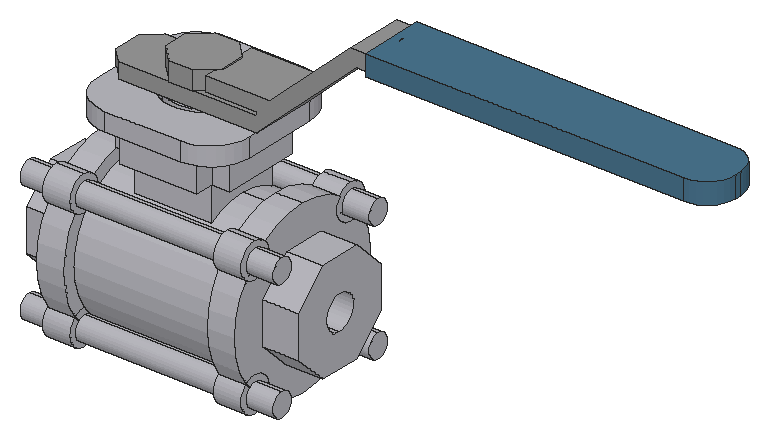
Revit family "310AMSWLHK-Ball-Valve", category Pipe Accessories, Revit 2018
Family settings
  Round Connector Dimension = Use Diameter
  Part Type = Valve - Breaks Into
  OmniClass Number = 23.60.30.11.14
  OmniClass Title = Pipework Fittings
  Work Plane-Based = No
  Always vertical = Yes
  Cut with Voids When Loaded = No
  Shared = No
Parameters
  Z4 [instance] = size_lookup(LookupTable, "Z4", 0.000", Nominal Diameter)  # 0.350"
  Weight [instance] = size_lookup(LookupTable, "Weight", "NA", Nominal Diameter)  # "1.01 lbs."
  URL = "http://www.fnw.com"
  Standards Lookup Table = "Standards"  # constant formula
  R3 [instance] = size_lookup(LookupTable, "R3", 0.000", Nominal Diameter)  # 0.91924"
  Product ID Handle [instance] = size_lookup(LookupTable, "ProductIDHandle", "NA", Nominal Diameter)  # "4448734"
  Product ID [instance] = size_lookup(LookupTable, "ProductID", "NA", Nominal Diameter)  # "4106252"
  Pipe Diameter [instance] = size_lookup(Standards Lookup Table, "copper", 0.000", Nominal Diameter)  # 0.375"
  Pins [instance] = Lm / 2  # 0.650"
  Pin Length [instance] = X2 * 4 + X3  # 2.7364"
  Pin Diameter [instance] = size_lookup(LookupTable, "m", 0.000", Nominal Diameter)  # 0.250"
  Pin Bung [instance] = Pin Diameter * 1.5  # 0.375"
  Part Number Handle [instance] = size_lookup(LookupTable, "PartNumberHandle", "NA", Nominal Diameter)  # "FNW310ALHKBD"
  Part Number [instance] = size_lookup(LookupTable, "PartNumber", "NA", Nominal Diameter)  # "FNW310AMSWB"
  PIpe Radius [instance] = Pipe Diameter / 2  # 0.1875"
  Insert [instance] = size_lookup(LookupTable, "insert_depth", 0.000", Nominal Diameter)  # 0.390"
  Manufacturer = "FNW"  # constant formula
  Lm [instance] = size_lookup(LookupTable, "lm", 0.000", Nominal Diameter)  # 1.300"
  Handle_3_Down [instance] = Nominal Diameter < 3.500"  # yes
  Grip Pin4 [instance] = X3 / 2 + (X2 * 2)  # 1.3682"
  Gear [instance] = D3_Half - 0.063"  # 0.3495"
  Description BOM Handle [instance] = size_lookup(LookupTable, "Description_BOMHandle", "NA", Nominal Diameter)  # "1/4 - 1/2 Locking Handle Kit 200A/310A BV"
  Description BOM [instance] = size_lookup(LookupTable, "Description_BOM", "NA", Nominal Diameter)  # "1/4 Stainless Steel 1000# Socket Weld 3 Piece Full Port Isolation BV"
  Z3 [instance] = size_lookup(LookupTable, "Z3", 0.000", Nominal Diameter)  # 0.200"
  Z2 [instance] = size_lookup(LookupTable, "Z2", 0.000", Nominal Diameter)  # 0.400"
  Z1 [instance] = size_lookup(LookupTable, "Z1", 0.000", Nominal Diameter)  # 1.050"
  X3 [instance] = size_lookup(LookupTable, "X3", 0.000", Nominal Diameter)  # 1.5564"
  X2 [instance] = size_lookup(LookupTable, "X2", 0.000", Nominal Diameter)  # 0.295"
  X1 [instance] = size_lookup(LookupTable, "X1", 0.000", Nominal Diameter)  # 0.4018"
  Show Lever Clearance [instance] = no
  R2 [instance] = size_lookup(LookupTable, "R2", 0.000", Nominal Diameter)  # 0.79424"
  R1_Diam [instance] = R1 * 2  # 1.100"
  R1 [instance] = size_lookup(LookupTable, "R1", 0.000", Nominal Diameter)  # 0.550"
  Nominal Radius [instance] = Nominal Diameter / 2  # 0.125"
  Nominal Diameter [instance] = 0.250"
  LookupTable = "310AMSWLHK-Ball-Valve"  # constant formula
  HexAngle1 [instance] = 135.00°  # constant formula
  D4 [instance] = size_lookup(LookupTable, "D4", 0.000", Nominal Diameter)  # 0.3125"
  D3_Half [instance] = D3 / 2  # 0.4125"
  D3 [instance] = size_lookup(LookupTable, "D3", 0.000", Nominal Diameter)  # 0.825"
  D2_Half [instance] = D2 / 2  # 0.61875"
  D2 [instance] = size_lookup(LookupTable, "D2", 0.000", Nominal Diameter)  # 1.2375"
  D1_Half [instance] = D1 / 2  # 0.825"
  D1 [instance] = size_lookup(LookupTable, "D1", 0.000", Nominal Diameter)  # 1.650"
  Below3in [instance] = Nominal Diameter < 3.000"  # yes
  4 in handle [instance] = Nominal Diameter = 4.000"  # no
  3Up [instance] = Nominal Diameter > 2.500"  # no
  1_Z2 [instance] = size_lookup(LookupTable, "1_Z2", 0.000", Nominal Diameter)  # 0.1644"
  1_Z1 [instance] = size_lookup(LookupTable, "1_Z1", 0.000", Nominal Diameter)  # 1.0156"
  1_Y1 [instance] = size_lookup(LookupTable, "1_Y1", 0.000", Nominal Diameter)  # 0.625"
  1_X6 [instance] = size_lookup(LookupTable, "1_X6", 0.000", Nominal Diameter)  # 0.375"
  1_X5 [instance] = size_lookup(LookupTable, "1_X5", 0.000", Nominal Diameter)  # 0.375"
  1_X4 [instance] = size_lookup(LookupTable, "1_X4", 0.000", Nominal Diameter)  # 0.825"
  1_X3 [instance] = size_lookup(LookupTable, "1_X3", 0.000", Nominal Diameter)  # 5.790"
  1_X2 [instance] = size_lookup(LookupTable, "1_X2", 0.000", Nominal Diameter)  # 1.0156"
  1_X1 [instance] = size_lookup(LookupTable, "1_X1", 0.000", Nominal Diameter)  # 1.650"
Reference planes (in)
  plane 1 "Center (Front/Back)": y = 0
  plane 2: z = 0
  plane 3 "Center (Left/Right)": x = 0
  plane 4: x = -0.7782
  plane 5: x = 0.7782
  plane 6: x = 2.6685
  plane 7 "Pipe radius": z = 0.1875
  plane 8: z = 0.55
  plane 9: z = 2.5
  plane 10: z = 1.05
  plane 11: z = 1.45
  plane 12 "top of pad": z = 1.65
  plane 13: x = 1.0732
  plane 14: x = 2.2785
  plane 15: x = -1.085
  plane 16: y = -0.65
  plane 17: z = -0.65
  plane 18: z = 0.65
  plane 19: y = 0.65
  plane 20: x = 10.098
  plane 21: z = -2.5
  plane 22: y = 2.5
  plane 23: y = -2.5
  plane 24: y = -0.65
  plane 25: z = -0.65
  plane 26: z = 0.65
  plane 27: y = 0.65
  plane 28: through (0, 0, 0) normal (0, 0.7071, -0.7071)
  plane 29: through (0, 0, 0) normal (0, 0.7071, 0.7071)
  plane 30: y = -0.65
  plane 31: y = 0.65
  plane 32: y = -1.465
  plane 33: z = -1.465
  plane 34: z = 1.465
  plane 35: y = 1.465
  plane 36 "Pin Plane": x = -1.3682
  plane 37: x = 2.5735
  plane 38 "NPT 3": x = 1.475
  plane 39: x = -1.0732
  plane 40: x = -1.475
  plane 41: x = 1.085
  plane 42: x = 1.3682
Forms (in)
  Extrusion 1, solid, material "Steel, Stainless", not visible
    sketch origin (-3.425, 0, 0) x (0, 0, 1) y (0, -1, 0)
      loop
        circle (0, 0) r 0.125
    from 2.34 to 4.51
  Extrusion 2, solid, material "Steel, Stainless"
    sketch origin (1.4276, 0, 0) x (0, 0, 1) y (0, -1, 0)
      loop
        line (-0.22782, -0.55) -> (0.22782, -0.55) -> (0.55, -0.22782) -> (0.55, 0.22782) -> (0.22782, 0.55) -> (-0.22782, 0.55) -> (-0.55, 0.22782) -> (-0.55, -0.22782) -> (-0.22782, -0.55)
      loop
        circle (0, 0) r 0.1875
    from -2.9026 to 0.0474
  Extrusion 3, solid, material "Steel, Stainless"
    sketch origin (1.4276, 0, 0) x (0, 0, 1) y (0, -1, 0)
      loop
        circle (0, 0) r 0.91924
    from -0.6494 to -0.3544
  Extrusion 4, solid, material "Steel, Stainless"
    sketch origin (-1.4276, 0, 0) x (0, 0, 1) y (0, 1, 0)
      loop
        circle (0, 0) r 0.91924
    from -0.6494 to -0.3544
  Extrusion 5, solid, material "Steel, Stainless"
    sketch origin (-3.425, 0, 0) x (0, 0, 1) y (0, -1, 0)
      loop
        circle (0, 0) r 0.79424
      loop
        circle (0, 0) r 0.1875
    from 2.6468 to 4.2032
  Extrusion 6, solid, material "Steel, Stainless"
    sketch origin (0, 0, 0.865) x (-1, 0, 0) y (0, -1, 0)
      loop
        arc (0.40833, -0.825) -> (0.70296, -0.70296) -> (0.825, -0.40833) r 0.41667
        line (0.825, -0.40833) -> (0.825, 0.40833)
        arc (0.825, 0.40833) -> (0.70296, 0.70296) -> (0.40833, 0.825) r 0.41667
        line (0.40833, 0.825) -> (-0.40833, 0.825)
        arc (-0.40833, 0.825) -> (-0.70296, 0.70296) -> (-0.825, 0.40833) r 0.41667
        line (-0.825, 0.40833) -> (-0.825, -0.40833)
        arc (-0.825, -0.40833) -> (-0.70296, -0.70296) -> (-0.40833, -0.825) r 0.41667
        line (-0.40833, -0.825) -> (0.40833, -0.825)
      loop
        circle (0, 0) r 0.4125
      loop
        circle (0, 0) r 0.3495
    from 0.585 to 0.785
  Extrusion 7, solid, material "Steel, Stainless"
    sketch origin (0, 0, 0.865) x (-1, 0, 0) y (0, -1, 0)
      loop
        line (0.41667, -0.61875) -> (0.41667, -0.41667) -> (0.61875, -0.41667) -> (0.61875, 0.41667) -> (0.41667, 0.41667) -> (0.41667, 0.61875) -> (-0.41667, 0.61875) -> (-0.41667, 0.41667) -> (-0.61875, 0.41667) -> (-0.61875, -0.41667) -> (-0.41667, -0.41667) -> (-0.41667, -0.61875) -> (0.41667, -0.61875)
    from 0.185 to 0.585
  Extrusion 8, solid, material "Steel, Stainless"
    sketch origin (0, 0, 0.865) x (-1, 0, 0) y (0, -1, 0)
      loop
        line (0.4125, -0.4125) -> (0.4125, 0.4125) -> (-0.4125, 0.4125) -> (-0.4125, -0.4125) -> (0.4125, -0.4125)
    from -0.6775 to 0.585
  Extrusion 9, solid, material "Steel, Stainless"
    sketch origin (0, 0, 0.865) x (-1, 0, 0) y (0, -1, 0)
      loop
        line (0.15625, -0.15625) -> (0.15625, 0.15625) -> (-0.15625, 0.15625) -> (-0.15625, -0.15625) -> (0.15625, -0.15625)
    from 0.185 to 0.785
  Extrusion 10, solid, material "Steel, Stainless", visible <- "Below3in"
    sketch origin (-3.425, 0, 0) x (0, 0, 1) y (0, -1, 0)
      loop
        circle (0.65, 0.65) r 0.125
      loop
        circle (0.65, -0.65) r 0.125
      loop
        circle (-0.65, -0.65) r 0.125
      loop
        circle (-0.65, 0.65) r 0.125
    from 2.0568 to 4.7932
  Extrusion 11, solid, material "Steel, Stainless", visible <- "Below3in"
    sketch origin (-3.425, 0, 0) x (0, 0, 1) y (0, -1, 0)
      loop
        circle (0.65, -0.65) r 0.1875
      loop
        circle (0.65, 0.65) r 0.1875
      loop
        circle (-0.65, 0.65) r 0.1875
      loop
        circle (-0.65, -0.65) r 0.1875
    from 2.3518 to 2.6468
  Extrusion 12, solid, material "Steel, Stainless", visible <- "Below3in"
    sketch origin (-3.425, 0, 0) x (0, 0, 1) y (0, -1, 0)
      loop
        circle (0.65, -0.65) r 0.1875
      loop
        circle (0.65, 0.65) r 0.1875
      loop
        circle (-0.65, 0.65) r 0.1875
      loop
        circle (-0.65, -0.65) r 0.1875
    from 4.2032 to 4.4982
Dimensions and locks (in)
  "PIpe Radius": plane 7 "Pipe radius" to plane 2
  "R1": Extrusion 2 sketch curve to plane 1 "Center (Front/Back)"
  "R1": plane 1 "Center (Front/Back)" to Extrusion 2 sketch curve  (x5)
  "R1": plane 2 to Extrusion 2 sketch curve  (x2)
  "R1": plane 8 to plane 2
  "Z1": plane 10 to plane 2
  "Z2": plane 11 to plane 10
  "Z3": plane 12 "top of pad" to plane 11
  "D1_Half": Extrusion 6 sketch curve to plane 3 "Center (Left/Right)"
  "D1_Half": plane 3 "Center (Left/Right)" to Extrusion 6 sketch curve
  "D1_Half": plane 1 "Center (Front/Back)" to Extrusion 6 sketch curve
  "D1_Half": Extrusion 6 sketch curve to plane 1 "Center (Front/Back)"
  "D3_Half": Extrusion 8 sketch curve to plane 3 "Center (Left/Right)"
  "D3_Half": plane 3 "Center (Left/Right)" to Extrusion 8 sketch curve
  "D3_Half": plane 1 "Center (Front/Back)" to Extrusion 8 sketch curve  (x2)
  "Insert": plane 6 to plane 14
  equal spacing: Extrusion 7 sketch curve, plane 3 "Center (Left/Right)", Extrusion 7 sketch curve  (x3)
  equal spacing: Extrusion 7 sketch curve, plane 1 "Center (Front/Back)", Extrusion 7 sketch curve  (x3)
  "D2": Extrusion 7 sketch curve to Extrusion 7 sketch curve  (x2)
  Extrusion 7 sketch curve to Extrusion 7 sketch curve = 0.83333"  (x4)
  equal spacing: Extrusion 9 sketch curve, plane 1 "Center (Front/Back)", Extrusion 9 sketch curve
  "D4": Extrusion 9 sketch curve to Extrusion 9 sketch curve  (x2)
  equal spacing: Extrusion 9 sketch curve, plane 3 "Center (Left/Right)", Extrusion 9 sketch curve
  "Pins": plane 2 to plane 18
  "Pins": plane 2 to plane 17
  "Pins": plane 1 "Center (Front/Back)" to plane 16
  "Pins": plane 19 to plane 1 "Center (Front/Back)"
  equal spacing: plane 9, plane 2, plane 21
  plane 9 to plane 21 = 5.000"
  equal spacing: plane 22, plane 1 "Center (Front/Back)", plane 23
  plane 22 to plane 23 = 5.000"
  "Pins": plane 27 to plane 1 "Center (Front/Back)" to plane 24
  "Pins": plane 25 to plane 2 to plane 26
  plane 31 to plane 30 = 1.300"
  equal spacing: plane 31, plane 1 "Center (Front/Back)", plane 30
  "Lm": plane 31 to plane 30
  plane 35 to plane 32 = 2.930"
  plane 33 to plane 34 = 2.930"
  "X2": plane 37 to plane 14
  equal spacing: plane 5, plane 3 "Center (Left/Right)", plane 4
  "X3": plane 5 to plane 4
  "X1": plane 38 "NPT 3" to plane 13
  "Lm": nested 1 to plane 1 "Center (Front/Back)"
  "Lm": plane 1 "Center (Front/Back)" to nested 2
  "Lm": nested 4 to plane 28
  "Lm": nested 3 to plane 29
  "Lm": plane 28 to nested 5
  "Lm": plane 29 to nested 6
  "X2": plane 4 to plane 39
  "X1": plane 39 to plane 40
  "X2": plane 39 to plane 36 "Pin Plane"
  "Insert": plane 15 to plane 40
  "Insert": plane 41 to plane 38 "NPT 3"
  "X2": plane 13 to plane 5
  "X2": plane 42 to plane 13
  "Nominal Radius": radius of Extrusion 1 sketch curve
  "PIpe Radius": radius of Extrusion 2 sketch curve
  "R2": radius of Extrusion 5 sketch curve
  radius of Extrusion 6 sketch curve = 0.41667"  (x4)
  "D3_Half": radius of Extrusion 6 sketch curve
  "Gear": radius of Extrusion 6 sketch curve
  "PIpe Radius": radius of Extrusion 5 sketch curve
  "Pin Diameter": diameter of Extrusion 10 sketch curve  (x4)
  "Pin Bung": diameter of Extrusion 11 sketch curve  (x4)
  "Pin Bung": diameter of Extrusion 12 sketch curve  (x4)
  "R3": radius of Extrusion 4 sketch curve
  "R3": radius of Extrusion 3 sketch curve
  angle Extrusion 2 sketch curve to Extrusion 2 sketch curve = 135.00°  (x7)
  aligned and locked: plane 2 to level
  aligned and locked: Extrusion 3 to plane 5
  aligned and locked: plane 13 to Extrusion 3
  aligned and locked: plane 4 to Extrusion 4
  aligned and locked: plane 5 to Extrusion 5
  aligned and locked: Extrusion 5 to plane 4
  aligned and locked: Extrusion 6 to plane 11
  aligned and locked: plane 12 "top of pad" to Extrusion 6
  aligned and locked: plane 11 to Extrusion 7
  aligned and locked: Extrusion 7 to plane 10
  aligned and locked: Extrusion 8 to plane 7 "Pipe radius"
  aligned and locked: plane 11 to Extrusion 8
  aligned and locked: Extrusion 9 to plane 10
  aligned and locked: plane 4 to Extrusion 11
  aligned and locked: Extrusion 12 to plane 5
  aligned and locked: plane 13 to Extrusion 12
  aligned and locked: Extrusion 3 to Extrusion 12
  aligned and locked: Extrusion 2 to plane 38 "NPT 3"
  aligned and locked: plane 2 to nested 1
  aligned and locked: plane 12 "top of pad" to Extrusion 9
  aligned and locked: Extrusion 10 to plane 36 "Pin Plane"
  aligned and locked: Extrusion 4 to plane 39
  aligned and locked: Extrusion 11 to plane 39
  aligned and locked: Extrusion 2 to plane 40
  aligned and locked: Extrusion 1 to plane 15
  aligned and locked: plane 41 to Extrusion 1
  aligned and locked: plane 42 to Extrusion 10
Automatic sketch dimensions
  Extrusion 1 sketch curve to level = 0.000"
  Extrusion 1 sketch curve to plane 1 "Center (Front/Back)" = 0.000"
  Extrusion 2 sketch curve to level = 0.000"
  Extrusion 2 sketch curve to plane 1 "Center (Front/Back)" = 0.000"
  Extrusion 3 sketch curve to level = 0.000"
  Extrusion 3 sketch curve to plane 1 "Center (Front/Back)" = 0.000"
  Extrusion 4 sketch curve to level = 0.000"
  Extrusion 4 sketch curve to plane 1 "Center (Front/Back)" = 0.000"
  Extrusion 5 sketch curve to Extrusion 5 sketch curve = 0.000"  (x2)
  Extrusion 5 sketch curve to level = 0.000"
  Extrusion 5 sketch curve to plane 1 "Center (Front/Back)" = 0.000"
  Extrusion 6 sketch curve to Extrusion 6 sketch curve = 0.000"  (x2)
  plane 1 "Center (Front/Back)" to Extrusion 6 sketch curve = 0.000"
  Extrusion 6 sketch curve to plane 3 "Center (Left/Right)" = 0.000"
  Extrusion 10 sketch curve to plane 17 = 0.000"  (x2)
  Extrusion 10 sketch curve to plane 16 = 0.000"  (x2)
  plane 18 to Extrusion 10 sketch curve = 0.000"  (x2)
  Extrusion 10 sketch curve to plane 19 = 0.000"  (x2)
  Extrusion 11 sketch curve to plane 24 = 0.000"  (x2)
  Extrusion 11 sketch curve to plane 25 = 0.000"  (x2)
  plane 26 to Extrusion 11 sketch curve = 0.000"  (x2)
  Extrusion 11 sketch curve to plane 27 = 0.000"  (x2)
  plane 28 to Extrusion 12 sketch curve = 0.000"  (x2)
  Extrusion 12 sketch curve to plane 30 = 0.000"  (x2)
  plane 29 to Extrusion 12 sketch curve = 0.000"  (x2)
  Extrusion 12 sketch curve to plane 31 = 0.000"  (x2)
Nested families (in)
  nested 1: "FB_Pin" at (-1.3682, 1.3, 0) x (0, -1, 0) z (1, 0, 0), Bung Diam <- "Pin Bung", Pin Diameter <- "Pin Diameter", X2 <- "X2", X3 <- "X3", visible <- "3Up", LengthofPin <- "Pin Length", type "Family1"
    with X3 1.5564", X2 0.295", Pin Diameter 0.250", LengthofPin 2.7364", Bung Diam 0.375"
  nested 2: "FB_Pin" at (-1.3682, -1.3, 0) x (0, 1, 0) z (1, 0, 0), Bung Diam <- "Pin Bung", Pin Diameter <- "Pin Diameter", X2 <- "X2", X3 <- "X3", visible <- "3Up", LengthofPin <- "Pin Length", type "Family1"
    with X3 1.5564", X2 0.295", Pin Diameter 0.250", LengthofPin 2.7364", Bung Diam 0.375"
  nested 3: "FB_Pin" at (-1.3682, -0.90585, -0.93263) x (0, 1, 0) z (1, 0, 0), Bung Diam <- "Pin Bung", Pin Diameter <- "Pin Diameter", X2 <- "X2", X3 <- "X3", visible <- "3Up", LengthofPin <- "Pin Length", type "Family1"
    with X3 1.5564", X2 0.295", Pin Diameter 0.250", LengthofPin 2.7364", Bung Diam 0.375"
  nested 4: "FB_Pin" at (-1.3682, 0.90585, -0.93263) x (0, -1, 0) z (1, 0, 0), Bung Diam <- "Pin Bung", Pin Diameter <- "Pin Diameter", X2 <- "X2", X3 <- "X3", visible <- "3Up", LengthofPin <- "Pin Length", type "Family1"
    with X3 1.5564", X2 0.295", Pin Diameter 0.250", LengthofPin 2.7364", Bung Diam 0.375"
  nested 5: "FB_Pin" at (-1.3682, -0.90585, 0.93263) x (0, 1, 0) z (1, 0, 0), Bung Diam <- "Pin Bung", Pin Diameter <- "Pin Diameter", X2 <- "X2", X3 <- "X3", visible <- "3Up", LengthofPin <- "Pin Length", type "Family1"
    with X3 1.5564", X2 0.295", Pin Diameter 0.250", LengthofPin 2.7364", Bung Diam 0.375"
  nested 6: "FB_Pin" at (-1.3682, 0.90585, 0.93263) x (0, -1, 0) z (1, 0, 0), Bung Diam <- "Pin Bung", Pin Diameter <- "Pin Diameter", X2 <- "X2", X3 <- "X3", visible <- "3Up", LengthofPin <- "Pin Length", type "Family1"
    with X3 1.5564", X2 0.295", Pin Diameter 0.250", LengthofPin 2.7364", Bung Diam 0.375"
  nested 7: "Nested Lever Lock_Blue_310AMSWLHK" at (0, 0, 1.65), 1_Z2 <- "1_Z2", 1_Z1 <- "1_Z1", 1_Y1 <- "1_Y1", 1_X6 <- "1_X6", 1_X4 <- "1_X4", 1_X3 <- "1_X3", 1_X2 <- "1_X2", 1_X1 <- "1_X1", Z3 <- "Z3", D3 <- "D3", visible <- "Handle_3_Down", Show Lever Clearance <- "Show Lever Clearance", Description BOM <- "Description BOM Handle", Part Number <- "Part Number Handle", Product ID <- "Product ID Handle", type "Nested Lever Lock_Blue_310AMSWLHK"
    with Z3 0.200", Z1_Z2 0.590", Void_Outer_Radius 0.375", Void_Outer 0.750", Tab_Width 0.375", Tab_Height_Center 0.5078", Tab Lock 0.19565", Show Lever Clearance no, Product ID "4448734", Part Number "FNW310ALHKBD", Lock_Tab_Width 0.875", Hypotenuse_Tab_Center 0.71814", Grip_L3 0.2269", Grip_L2 0.19565", Grip_L1 0.03125", Description BOM "1/4 - 1/2 Locking Handle Kit 200A/310A BV", D3_Half 0.275", D3 0.825", Clearance Hieght 6.000", Angle Hex Head 135.00°, Ang_Constraint 39.81°, 1_Z2_Half 0.0822", 1_Z2 0.1644", 1_Z1_Quarter 0.3361", 1_Z1 1.0156", 1_Y1_Half 0.3125", 1_Y1 0.625", 1_X6_Half 0.375", 1_X6 0.375", 1_X4 0.825", 1_X3_and_1__Y1_Half 6.1025", 1_X3 5.790", 1_X2_Quarter 0.2539", 1_X2_Half 0.5078", 1_X2 1.0156", 1_X1 1.650", 0Grip 2.125"
  nested 8: "Nested Lever Lock_Blue_4in_310AMSWLHK" at (0, 0, 1.65), Show Lever Clearance <- "Show Lever Clearance", D1_Half <- "D1_Half", 1_X3 <- "1_X3", visible <- "4 in handle", type "Nested Lever Lock_Blue_4in_310AMSWLHK"
    with Z3 0.125", Z1_Z2 0.6875", Void_Outer_Radius 1.0625", Void_Outer 2.125", Tab_Width 1.0625", Tab_Height_Center 0.625", Tab Lock 0.15625", Show Lever Clearance no, Product ID "", Pipe Holder Housing Width 1.50781", Part Number "", Lock_Tab_Width 2.250", Hypotenuse_Tab_Center 0.97628", Grip_L3 0.1875", Grip_L2 0.15625", Grip_L1 0.03125", Fillet 0.410", Description BOM "", D3_Half 0.23251", D3 0.69752", D1_Half 0.825", Clearance Hieght 6.000", Center of Handle 1.59071", Angle Hex Head 135.00°, Ang_Constraint 39.81°, 1_Z5 2.35379", 1_Z4 1.59071", 1_Z2_Half 0.0625", 1_Z2 0.125", 1_Z1_Quarter 0.375", 1_Z1 1.250", 1_Y1_Half 1.000", 1_Y1 2.000", 1_X6_Half 1.000", 1_X6 1.000", 1_X4 4.000", 1_X3_and_1__Y1_Half 6.790", 1_X3 5.790", 1_X2_Quarter 0.375", 1_X2_Half 0.750", 1_X2 1.500", 1_X1 3.000", 1_R2 0.52402", 1_R1 0.44619", 0Grip 2.125"
Connectors (in)
  piping at (-1.085, 0, 0), diameter 0.25, driven by "Nominal Diameter"
    settings: on Extrusion 1, index 1, connector inside diameter 24", connector length 0.000", flow factor 0, pipe flow 0 GPM, pressure drop 0.00 psi, fitting loss kfactor 0, connector angle 0.00°, fixture units 0, engagement length 0.000", angle of deflection 0.00°, flow configuration 0, flow direction 0, fitting loss method 0, system type 7, joint type 0, gender type 0, connector reference index 2, connector utility 0, adjustable connector no, is connector primary yes, connector description ""
  piping at (1.085, 0, 0), diameter 0.25, driven by "Nominal Diameter"
    settings: on Extrusion 1, index 2, connector inside diameter 24", connector length 0.000", flow factor 0, pipe flow 0 GPM, pressure drop 0.00 psi, fitting loss kfactor 0, connector angle 0.00°, fixture units 0, engagement length 0.000", angle of deflection 0.00°, flow configuration 0, flow direction 0, fitting loss method 0, system type 7, joint type 0, gender type 0, connector reference index 1, connector utility 0, adjustable connector no, is connector primary no, connector description ""
Definition of nested family "FB_Pin"
  Parameters (values of type "Family1")
    X3 [instance] = 0.30774"
    X2 [instance] = 0.14044"
    Pin Diameter [instance] = 0.250"
    LengthofPin [instance] = 1.000"
    Default Elevation = 48.000"
    Bung Diam [instance] = 0.41382"
  Reference planes (in)
    plane 1 "Center (Front/Back)": y = 0
    plane 2: z = 0
    plane 3 "Center (Left/Right)": x = 0
    plane 4: z = 1
    plane 5 "B1": z = 0.14044
    plane 6: z = 0.28088
    plane 7 "B2": z = 0.58862
    plane 8: z = 0.72906
  Forms (in)
    Extrusion 1, solid
      sketch origin (0, 0, 0) x (1, 0, 0) y (0, 1, 0)
        loop
          line (-48, 48) -> (-48, -48) -> (48, -48) -> (48, 48) -> (-48, 48)
      from 0 to -12
    Extrusion 2, solid
      sketch origin (0, 0, 0) x (1, 0, 0) y (0, 1, 0)
        loop
          circle (0, 0) r 0.125
      from 0 to 1
    Extrusion 3, solid
      sketch origin (0, 0, 0) x (1, 0, 0) y (0, 1, 0)
        loop
          circle (0, 0) r 0.20691
      from 0.58862 to 0.72906
    Extrusion 4, solid
      sketch origin (0, 0, 0) x (1, 0, 0) y (0, 1, 0)
        loop
          circle (0, 0) r 0.20691
      from 0.14044 to 0.28088
  Lines and regions (in)
    reference lines
      curve 1: line (0, 0.6456, 0) -> (0, -0.6044, 0)
      curve 2: line (1, 0, 0) -> (-0.8237, 0, 0)
      curve 3: line (0, 0, 15.25) -> (0, 0, -1)
    model lines
      curve 4: line (0, 0, 1) -> (0, 0, 0)
  Dimensions and locks (in)
    "LengthofPin": plane 4 to plane 2
    "X2": plane 5 "B1" to plane 2
    "X2": plane 6 to plane 5 "B1"
    "X3": plane 7 "B2" to plane 6
    "X2": plane 8 to plane 7 "B2"
    "LengthofPin": curve 4 to curve 4
    "Pin Diameter": diameter of Extrusion 2 sketch curve
    "Bung Diam": diameter of Extrusion 3 sketch curve
    "Bung Diam": diameter of Extrusion 4 sketch curve
    aligned and locked: plane 2 to Extrusion 1
    aligned and locked: level to Extrusion 1
    aligned and locked: Extrusion 2 to plane 4
    aligned and locked: Extrusion 2 to plane 2
    aligned and locked: curve 4 to plane 3 "Center (Left/Right)"
    aligned and locked: plane 8 to Extrusion 3
    aligned and locked: Extrusion 3 to plane 7 "B2"
    aligned and locked: Extrusion 4 to plane 5 "B1"
    aligned and locked: plane 6 to Extrusion 4
    aligned and locked: Extrusion 1 to curve 4
  Automatic sketch dimensions
    Extrusion 1 sketch curve to Extrusion 1 sketch curve = 96.000"  (x2)
    plane 1 "Center (Front/Back)" to curve 2 = 0.000"
    curve 1 to plane 3 "Center (Left/Right)" = 0.000"
    curve 2 to plane 3 "Center (Left/Right)" = 0.8237"
    plane 3 "Center (Left/Right)" to curve 2 = 1.000"
    plane 1 "Center (Front/Back)" to curve 1 = 0.6044"
    curve 1 to plane 1 "Center (Front/Back)" = 0.6456"
    curve 3 to plane 3 "Center (Left/Right)" = 0.000"
    curve 3 to level = 1.000"
    curve 3 to plane 4 = 14.250"
    plane 1 "Center (Front/Back)" to Extrusion 2 sketch curve = 0.000"
    Extrusion 2 sketch curve to plane 3 "Center (Left/Right)" = 0.000"
    plane 1 "Center (Front/Back)" to Extrusion 3 sketch curve = 0.000"
    Extrusion 3 sketch curve to plane 3 "Center (Left/Right)" = 0.000"
    plane 1 "Center (Front/Back)" to Extrusion 4 sketch curve = 0.000"
    Extrusion 4 sketch curve to plane 3 "Center (Left/Right)" = 0.000"
Definition of nested family "Nested Lever Lock_Blue_310AMSWLHK"
  Parameters (values of type "Nested Lever Lock_Blue_310AM")
    Z3 [instance] = 0.125"
    Z1_Z2 [instance] = ([1_Z1] + [1_Z2]) / 2  # 0.6875"
    Tab_Width [instance] = [1_Y1_Half] + (Grip_L1 * 2)  # 1.0625"
    Tab_Height_Center [instance] = [1_Z1] / 2  # 0.625"
    Tab Lock [instance] = [1_Z2] + 0.03125"  # 0.15625"
    Product ID [instance] = ""
    Part Number [instance] = ""
    Lock_Tab_Width [instance] = [1_Y1] + 0.250"  # 2.250"
    Hypotenuse_Tab_Center [instance] = sqrt(Tab_Height_Center ^ 2 + [1_X2_Half] ^ 2)  # 0.97628"
    Description BOM [instance] = ""
    Angle 2 = 45.00°  # constant formula
    Ang_Constraint [instance] = 39.81°  # constant formula
    1_Z2 [instance] = 0.125"
    1_Z1_Quarter [instance] = [1_Z1] / 4 + ([1_Z2_Half])  # 0.375"
    1_Z1 [instance] = 1.250"
    1_Y1_Half [instance] = [1_Y1] / 2  # 1.000"
    1_Y1 [instance] = 2.000"
    1_X6_Half [instance] = [1_X6]  # 1.000"
    1_X6 [instance] = 1.000"
    1_X2_Quarter [instance] = [1_X2] / 4  # 0.375"
    1_X2_Half [instance] = [1_X2] / 2  # 0.750"
    1_X1 [instance] = 2.500"
    1_X3_and_1__Y1_Half [instance] = [1_X3] + [1_Y1_Half]  # 13.66198"
    1_X3 [instance] = 12.66198"
    1_X2 [instance] = 1.500"
    Void_Outer_Radius [instance] = Void_Outer / 2  # 1.0625"
    Void_Outer [instance] = [1_Y1] + Grip_L1 * 4  # 2.125"
    Show Lever Clearance [instance] = yes
    Grip_L3 [instance] = Grip_L1 + Grip_L2  # 0.1875"
    Grip_L1 [instance] = 0.03125"  # constant formula
    Grip_L2 [instance] = [1_Z2] + Grip_L1  # 0.15625"
    Default Elevation = 48.000"
    D3_Half [instance] = D3 / 3  # 0.23251"
    D3 [instance] = 0.69752"
    Clearance Hieght [instance] = 6.000"  # constant formula
    Angle Hex Head [instance] = 135.00°  # constant formula
    1_X4 [instance] = 1.100"
    1_Z2_Half [instance] = [1_Z2] / 2  # 0.0625"
    0Grip [instance] = 2.125"  # constant formula
  Reference planes (in)
    plane 1 "Center (Front/Back)": y = 0
    plane 2: z = 0
    plane 3 "Center (Left/Right)": x = 0
    plane 4: z = 0.125
    plane 5: x = -1.1
    plane 6: x = 12.66198
    plane 7: y = 1
    plane 8: y = -1
    plane 9: x = 1.4
    plane 10: x = 2.9
    plane 11: z = 1.375
    plane 12: z = 1.25
    plane 13: z = 0.25
    plane 14: z = 1.40625
    plane 15: z = 1.21875
    plane 16: x = 3.05625
    plane 17: y = 1.03125
    plane 18: y = -1.03125
    plane 19: z = -1.125
    plane 20: y = 0.5
    plane 21: y = -0.5
    plane 22: x = -1.225
    plane 23: x = 2.15
    plane 24: x = 1.775
    plane 25: x = 0.23251
    plane 26: z = 0.28125
  Forms (in)
    Extrusion 1, solid
      sketch origin (0, 0, 0) x (1, 0, 0) y (0, 1, 0)
        loop
          line (-48, 48) -> (-48, -48) -> (48, -48) -> (48, 48) -> (-48, 48)
      from 0 to -12
    Extrusion 2, solid
      sketch origin (0, 0, 0) x (1, 0, 0) y (0, 0, 1)
        loop
          line (1.54878, 0.28125) -> (0.23251, 0.28125) -> (0.23251, 0.16925) -> (1.4, 0.16925) -> (1.4, 0) -> (2.94425, 1.25) -> (4.05625, 1.25) -> (4.05625, 1.375) -> (2.9, 1.375) -> (1.54878, 0.28125)
      from -1 to 1
    Extrusion 3, solid
      sketch origin (0, 0, 0) x (1, 0, 0) y (0, 1, 0)
        loop
          line (1, 0.41421) -> (0.41421, 1) -> (-0.41421, 1) -> (-1, 0.41421) -> (-1, -0.41421) -> (-0.41421, -1) -> (0.41421, -1) -> (1, -0.41421) -> (1, 0.41421)
      from 0.125 to 0.25
    Extrusion 4, solid
      sketch origin (0, 0, 0) x (1, 0, 0) y (0, 1, 0)
        loop
          line (11.66198, 1.03125) -> (3.05625, 1.03125) -> (3.05625, -1.03125) -> (11.66198, -1.03125)
          arc (11.66198, -1.03125) -> (12.36908, -0.73836) -> (12.66198, -0.03125) r 1
          line (12.66198, -0.03125) -> (12.66198, 0.03125)
          arc (12.66198, 0.03125) -> (12.36908, 0.73836) -> (11.66198, 1.03125) r 1
      from 1.21875 to 1.40625
    Extrusion 5, solid, visible <- "Show Lever Clearance"
      sketch origin (0, 0, 0) x (1, 0, 0) y (0, 1, 0)
        loop
          line (-1.1, 1) -> (-1.1, -12.66198)
          arc (-1.1, -12.66198) -> (8.56048, -8.66048) -> (12.56198, 1) r 13.66198
          line (12.56198, 1) -> (-1.1, 1)
      from 0 to 6 <- "Clearance Hieght"
    Extrusion 6, solid
      sketch origin (0, 0, 0) x (1, 0, 0) y (0, 1, 0)
        loop
          line (1.4, -1) -> (1.4, 1) -> (-0.6, 1) -> (-1.1, 0.5) -> (-1.1, -0.5) -> (-0.6, -1) -> (1.4, -1)
      from 0 to 0.125
  Cuts and joins
    joined: Extrusion 2, Extrusion 6
  Lines and regions (in)
    reference lines
      curve 1: line (0, 0, 3.39657) -> (0, 0, -1.625)
  Dimensions and locks (in)
    "1_Z2": plane 4 to plane 2
    "1_X4": plane 3 "Center (Left/Right)" to plane 5
    "1_X3": plane 6 to plane 3 "Center (Left/Right)"
    equal spacing: plane 7, plane 1 "Center (Front/Back)", plane 8
    "1_Y1": plane 7 to plane 8
    "1_X1": plane 9 to plane 5
    "1_X2": plane 10 to plane 9
    "1_Z1": plane 11 to plane 4
    "1_Z2": plane 11 to plane 12
    equal spacing: Extrusion 3 sketch curve, curve 1, Extrusion 3 sketch curve  (x4)
    "1_Y1": Extrusion 3 sketch curve to Extrusion 3 sketch curve  (x4)
    "Z3": plane 13 to plane 4
    "Grip_L1": plane 14 to plane 11
    "Grip_L2": plane 11 to plane 15
    "Grip_L2": plane 16 to plane 10
    "Grip_L1": plane 8 to plane 18
    "Grip_L1": plane 17 to plane 7
    "1_Y1_Half": plane 16 to Extrusion 2
    "1_X3_and_1__Y1_Half": Extrusion 5 sketch curve to Extrusion 5 sketch curve  (x2)
    equal spacing: Extrusion 6 sketch curve, plane 1 "Center (Front/Back)", Extrusion 6 sketch curve
    "1_Y1_Half": Extrusion 6 sketch curve to Extrusion 6 sketch curve
    equal spacing: plane 21, plane 1 "Center (Front/Back)", plane 20
    "1_Y1_Half": plane 21 to plane 20
    "1_Z2": plane 5 to plane 22
    "1_X2_Half": plane 23 to plane 9
    "1_X2_Quarter": plane 24 to plane 9
    "D3_Half": plane 25 to plane 3 "Center (Left/Right)"
    "1_Z2": Extrusion 2 sketch curve to Extrusion 2 sketch curve
    "Tab Lock": plane 26 to plane 4
    "1_Y1_Half": radius of Extrusion 4 sketch curve  (x2)
    "1_X3_and_1__Y1_Half": radius of Extrusion 5 sketch curve
    "Angle Hex Head": angle Extrusion 3 sketch curve to Extrusion 3 sketch curve  (x6)
    "Angle 2": angle plane 5 to Extrusion 6 sketch curve
    "Angle 2": angle Extrusion 6 sketch curve to plane 5
    aligned and locked: plane 2 to Extrusion 1
    aligned and locked: level to Extrusion 1
    aligned and locked: plane 10 to Extrusion 2 sketch curve
    aligned and locked: plane 12 to Extrusion 2 sketch curve
    aligned and locked: plane 11 to Extrusion 2 sketch curve
    aligned and locked: curve 1 to plane 3 "Center (Left/Right)"
    aligned and locked: plane 4 to Extrusion 3
    aligned and locked: Extrusion 3 to plane 13
    aligned and locked: Extrusion 4 sketch curve to plane 16
    aligned and locked: Extrusion 4 sketch curve to plane 18
    aligned and locked: plane 17 to Extrusion 4 sketch curve
    aligned and locked: Extrusion 4 to plane 15
    aligned and locked: Extrusion 4 to plane 14
    aligned and locked: Extrusion 2 to plane 8
    aligned and locked: plane 7 to Extrusion 2
    aligned and locked: Extrusion 2 sketch curve to plane 9
    aligned and locked: plane 9 to Extrusion 6 sketch curve
    aligned and locked: Extrusion 6 sketch curve to plane 5
    aligned and locked: Extrusion 6 to plane 4
    aligned and locked: Extrusion 2 sketch curve to plane 25
    aligned and locked: Extrusion 2 to plane 26
  Automatic sketch dimensions
    Extrusion 1 sketch curve to Extrusion 1 sketch curve = 96.000"  (x2)
    plane 19 to curve 1 = 0.500"
    plane 14 to curve 1 = 1.99032"
    Extrusion 2 sketch curve to plane 26 = 0.000"
    Extrusion 2 sketch curve to level = 0.000"
    plane 16 to Extrusion 2 sketch curve = 1.000"
    Extrusion 2 sketch curve to plane 4 = 0.04425"
    Extrusion 4 sketch curve to plane 6 = 0.000"
    Extrusion 5 sketch curve to plane 5 = 0.000"
    Extrusion 5 sketch curve to plane 7 = 0.000"
    Extrusion 6 sketch curve to plane 8 = 0.000"
    Extrusion 6 sketch curve to plane 7 = 0.000"
Definition of nested family "Nested Lever Lock_Blue_4in_310AMSWLHK"
  Parameters (values of type "Nested Lever Lock_Blue_4in_310AMSWLHK")
    Z3 [instance] = 0.125"
    Z1_Z2 [instance] = ([1_Z1] + [1_Z2]) / 2  # 0.6875"
    Tab_Width [instance] = [1_Y1_Half] + (Grip_L1 * 2)  # 1.0625"
    Tab_Height_Center [instance] = [1_Z1] / 2  # 0.625"
    Tab Lock [instance] = [1_Z2] + 0.03125"  # 0.15625"
    Product ID [instance] = ""
    Pipe Holder Housing Width [instance] = 1.50781"  # constant formula
    Part Number [instance] = ""
    Lock_Tab_Width [instance] = [1_Y1] + 0.250"  # 2.250"
    Hypotenuse_Tab_Center [instance] = sqrt(Tab_Height_Center ^ 2 + [1_X2_Half] ^ 2)  # 0.97628"
    Fillet [instance] = 0.410"
    Description BOM [instance] = ""
    D1_Half [instance] = 1.58759"
    Center of Handle [instance] = 1.59071"
    Angle 2 = 45.00°  # constant formula
    Ang_Constraint [instance] = 39.81°  # constant formula
    1_Z5 [instance] = 2.35379"
    1_Z4 [instance] = 1.59071"
    1_Z2 [instance] = 0.125"
    1_Z1_Quarter [instance] = [1_Z1] / 4 + ([1_Z2_Half])  # 0.375"
    1_Z1 [instance] = 1.250"
    1_Y1_Half [instance] = [1_Y1] / 2  # 1.000"
    1_Y1 [instance] = 2.000"
    1_X6_Half [instance] = [1_X6]  # 1.000"
    1_X6 [instance] = 1.000"
    1_X2_Quarter [instance] = [1_X2] / 4  # 0.375"
    1_X2_Half [instance] = [1_X2] / 2  # 0.750"
    1_X1 [instance] = 3.000"  # constant formula
    1_X3_and_1__Y1_Half [instance] = [1_X3] + [1_Y1_Half]  # 13.66198"
    1_X3 [instance] = 12.66198"
    1_X2 [instance] = 1.500"
    Void_Outer_Radius [instance] = Void_Outer / 2  # 1.0625"
    Void_Outer [instance] = [1_Y1] + Grip_L1 * 4  # 2.125"
    Show Lever Clearance [instance] = yes
    Grip_L3 [instance] = Grip_L1 + Grip_L2  # 0.1875"
    Grip_L1 [instance] = 0.03125"  # constant formula
    Grip_L2 [instance] = [1_Z2] + Grip_L1  # 0.15625"
    Default Elevation = 48.000"
    D3_Half [instance] = D3 / 3  # 0.23251"
    D3 [instance] = 0.69752"
    Clearance Hieght [instance] = 6.000"  # constant formula
    Angle Hex Head [instance] = 135.00°  # constant formula
    1_X4 [instance] = 4.000"  # constant formula
    1_Z2_Half [instance] = [1_Z2] / 2  # 0.0625"
    1_R2 [instance] = 0.52402"
    1_R1 [instance] = 0.44619"
    0Grip [instance] = 2.125"  # constant formula
  Reference planes (in)
    plane 1 "Center (Front/Back)": y = 0
    plane 2: z = 0
    plane 3 "Center (Left/Right)": x = 0
    plane 4: z = 0.125
    plane 5: y = 1
    plane 6: y = -1
    plane 7: z = 0.25
    plane 8: y = 1.03125
    plane 9: y = -1.03125
    plane 10: y = 0.5
    plane 11: y = -0.5
    plane 12: x = 2.15
    plane 13: z = 0.28125
    plane 14: x = 1.58759
    plane 15: x = -1.58759
    plane 16: x = -0.75294
    plane 17: x = 0.74706
    plane 18: z = 2.35379
    plane 19: z = 2.0369
    plane 20: z = 2.11473
    plane 21: z = 1.59071
    plane 22: x = -3.75294
    plane 23: x = 12.66198
    plane 24: x = 8.66198
  Forms (in)
    Extrusion 1, solid
      sketch origin (0, 0, 0) x (1, 0, 0) y (0, 1, 0)
        loop
          line (-48, 48) -> (-48, -48) -> (48, -48) -> (48, 48) -> (-48, 48)
      from 0 to -12
    Extrusion 2, solid, visible <- "Show Lever Clearance"
      sketch origin (0, 0, 0) x (1, 0, 0) y (0, 1, 0)
        loop
          line (-1.1, 1) -> (-1.1, -12.66198)
          arc (-1.1, -12.66198) -> (8.56048, -8.66048) -> (12.56198, 1) r 13.66198
          line (12.56198, 1) -> (-1.1, 1)
      from 0 to 6 <- "Clearance Hieght"
    Revolve 3, solid
      sketch origin (0, 0, 0) x (1, 0, 0) y (0, 0, 1)
        loop
          line (-3.75294, 1.59071) -> (-0.75294, 1.59071) -> (-0.75294, 2.11473) -> (-3.75294, 2.11473) -> (-3.75294, 1.59071)
        loop
          line (8.66198, 1.59071) -> (12.66198, 1.59071) -> (12.66198, 2.11473) -> (8.66198, 2.11473) -> (8.66198, 1.59071)
        axis (12.66198, 1.59071) -> (-3.75294, 1.59071)
      angle from 0 to 360
    Revolve 4, solid
      sketch origin (0, 0, 0) x (1, 0, 0) y (0, 0, 1)
        loop
          line (-0.75294, 2.0369) -> (0.74706, 2.0369) -> (0.74706, 2.35379) -> (-0.75294, 2.35379) -> (-0.75294, 2.0369)
        axis (-0.75294, 1.59071) -> (0.74706, 1.59071)
      angle from 0 to 360
    Extrusion 5, solid
      sketch origin (0, 0, 0) x (1, 0, 0) y (0, 1, 0)
        loop
          arc (-1.17759, 1.58759) -> (-1.4675, 1.4675) -> (-1.58759, 1.17759) r 0.41
          line (-1.58759, 1.17759) -> (-1.58759, -1.17759)
          arc (-1.58759, -1.17759) -> (-1.4675, -1.4675) -> (-1.17759, -1.58759) r 0.41
          line (-1.17759, -1.58759) -> (1.17759, -1.58759)
          arc (1.17759, -1.58759) -> (1.4675, -1.4675) -> (1.58759, -1.17759) r 0.41
          line (1.58759, -1.17759) -> (1.58759, 1.17759)
          arc (1.58759, 1.17759) -> (1.4675, 1.4675) -> (1.17759, 1.58759) r 0.41
          line (1.17759, 1.58759) -> (-1.17759, 1.58759)
      from 0.125 to 0.25
    Extrusion 6, solid
      sketch origin (0, 0, 0) x (1, 0, 0) y (0, 1, 0)
        loop
          line (-0.75, 0.75) -> (-0.75, -0.75) -> (0.75, -0.75) -> (0.75, 0.75) -> (-0.75, 0.75)
      from 0.25 to 1.59071
    Revolve 7, solid
      sketch origin (0, 0, 0) x (1, 0, 0) y (0, 0, 1)
        loop
          line (0.74706, 2.0369) -> (0.74706, 1.59071) -> (8.66198, 1.59071) -> (8.66198, 2.0369) -> (0.74706, 2.0369)
        axis (0.74706, 1.59071) -> (8.66198, 1.59071)
      angle from 0 to 360
  Cuts and joins
    joined: Revolve 4, Extrusion 6
  Lines and regions (in)
    reference lines
      curve 1: line (0, 0, 3.39657) -> (0, 0, -1.625)
  Dimensions and locks (in)
    "1_Z2": plane 4 to plane 2
    equal spacing: plane 5, plane 1 "Center (Front/Back)", plane 6
    "1_Y1": plane 5 to plane 6
    "Z3": plane 7 to plane 4
    "Grip_L1": plane 6 to plane 9
    "Grip_L1": plane 8 to plane 5
    "1_X3_and_1__Y1_Half": Extrusion 2 sketch curve to Extrusion 2 sketch curve  (x2)
    equal spacing: plane 11, plane 1 "Center (Front/Back)", plane 10
    "1_Y1_Half": plane 11 to plane 10
    "Tab Lock": plane 13 to plane 4
    "1_Z4": plane 21 to plane 2
    "1_X2": plane 17 to plane 16
    "1_X1": plane 16 to plane 22
    "1_X4": plane 24 to plane 23
    "1_X3": plane 3 "Center (Left/Right)" to plane 23
    "1_R1": plane 19 to plane 21
    "1_R2": plane 20 to plane 21
    "1_Z5": plane 18 to plane 2
    "D1_Half": plane 3 "Center (Left/Right)" to plane 15
    "D1_Half": Extrusion 5 sketch curve to plane 3 "Center (Left/Right)"
    "D1_Half": plane 3 "Center (Left/Right)" to Extrusion 5 sketch curve
    "D1_Half": plane 1 "Center (Front/Back)" to Extrusion 5 sketch curve
    "D1_Half": Extrusion 5 sketch curve to plane 1 "Center (Front/Back)"
    equal spacing: Extrusion 6 sketch curve, plane 3 "Center (Left/Right)", Extrusion 6 sketch curve
    equal spacing: Extrusion 6 sketch curve, plane 1 "Center (Front/Back)", Extrusion 6 sketch curve
    "1_X2": Extrusion 6 sketch curve to Extrusion 6 sketch curve  (x2)
    "1_X3_and_1__Y1_Half": radius of Extrusion 2 sketch curve
    "Fillet": radius of Extrusion 5 sketch curve  (x4)
    aligned and locked: plane 2 to Extrusion 1
    aligned and locked: level to Extrusion 1
    aligned and locked: curve 1 to plane 3 "Center (Left/Right)"
    aligned and locked: plane 21 to Revolve 3 sketch curve
    aligned and locked: Revolve 3 sketch curve to plane 22
    aligned and locked: plane 20 to Revolve 3 sketch curve  (x2)
    aligned and locked: Revolve 3 sketch curve to plane 16
    aligned and locked: Revolve 3 sketch curve to plane 24
    aligned and locked: plane 23 to Revolve 3 sketch curve
    aligned and locked: Revolve 4 sketch curve to plane 21
    aligned and locked: Revolve 4 sketch curve to plane 18
    aligned and locked: plane 16 to Revolve 4 sketch curve
    aligned and locked: plane 17 to Revolve 4 sketch curve
    aligned and locked: plane 19 to Revolve 4 sketch curve
    aligned and locked: plane 4 to Extrusion 5
    aligned and locked: Extrusion 5 to plane 7
    aligned and locked: plane 7 to Extrusion 6
    aligned and locked: plane 21 to Extrusion 6
    aligned and locked: Revolve 3 sketch curve to plane 21  (x2)
    aligned and locked: Revolve 7 sketch curve to plane 21  (x2)
    aligned and locked: plane 24 to Revolve 7 sketch curve
    aligned and locked: Revolve 7 sketch curve to plane 17
    aligned and locked: plane 19 to Revolve 7 sketch curve
  Automatic sketch dimensions
    Extrusion 1 sketch curve to Extrusion 1 sketch curve = 96.000"  (x2)
    curve 1 to plane 13 = 3.11532"
    curve 1 to level = 1.625"
    Revolve 4 sketch curve to plane 16 = 0.21768"
    plane 12 to Revolve 4 sketch curve = 0.37938"
    plane 22 to Revolve 3 sketch curve = 1.60085"
    Revolve 3 sketch curve to Revolve 3 sketch curve = 0.14915"
    plane 17 to Revolve 7 sketch curve = 0.23982"
    Revolve 7 sketch curve to Revolve 7 sketch curve = 3.92263"
    Extrusion 2 sketch curve to plane 5 = 0.000"
    Extrusion 2 sketch curve to plane 16 = 0.34706"
